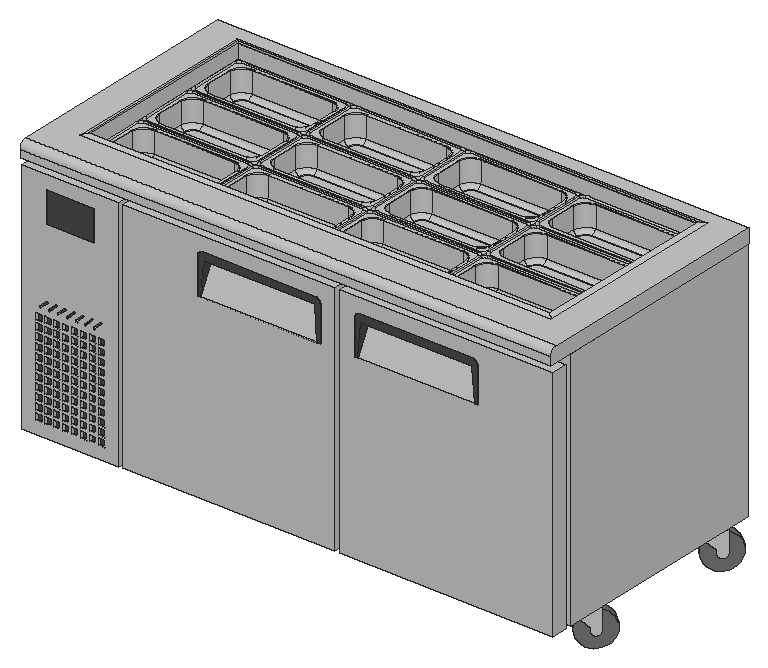
Revit family "QF_Turbo Air_JBT-60", category Specialty Equipment, Revit 2012 (continued)
Definition of nested family "QF_Turbo Air_SNZ_cat"
  Forms (in)
    Extrusion 1, solid, material "QF_Finishes_Stainless Steel"
      sketch origin (0, 0, 0) x (1, 0, 0) y (0, 0, 1)
        loop
          line (-44.61169, 0) -> (-43.11169, 0) -> (-43.11169, 0.125) -> (-44.73669, 0.125) -> (-44.73669, -1.5) -> (-44.61169, -1.5) -> (-44.61169, 0)
        loop
          line (3.38831, 0) -> (3.38831, -1.5) -> (3.51331, -1.5) -> (3.51331, 0.125) -> (1.88831, 0.125) -> (1.88831, 0) -> (3.38831, 0)
      from -5.938 to 5.938
    Extrusion 2, solid, material "QF_Finishes_Stainless Steel"
      sketch origin (0, 0, 0) x (1, 0, 0) y (0, 1, 0)
        loop
          line (-44.61169, -1) -> (-43.61169, -1) -> (-43.61169, 1) -> (-44.61169, 1) -> (-44.61169, -1)
        loop
          line (3.38831, -1) -> (3.38831, 1) -> (2.38831, 1) -> (2.38831, -1) -> (3.38831, -1)
      from 0.125 to 16.125
    Extrusion 3, solid, material "QF_Finishes_Glass"
      sketch origin (-44.61169, 0, 0) x (0, 1, 0) y (0, 0, 1)
        loop
          line (-4, 17.25) -> (-11.0625, 12.30478) -> (-11.0625, 11.01894) -> (-10.9375, 11.01894) -> (-10.9375, 12.23971) -> (-3.96059, 17.125) -> (3.96059, 17.125) -> (10.9375, 12.23971) -> (10.9375, 11.01894) -> (11.0625, 11.01894) -> (11.0625, 12.30478) -> (4, 17.25) -> (-4, 17.25)
      from 0 to 48
    Extrusion 4, solid, material "QF_Finishes_Stainless Steel"
      sketch origin (-44.61169, 0, 0) x (0, 1, 0) y (0, 0, 1)
        loop
          line (10.9375, 12.23971) -> (3.96059, 17.125) -> (-3.96059, 17.125) -> (-10.9375, 12.23971) -> (-10.9375, 11.01894) -> (-3.64529, 16.125) -> (3.64529, 16.125) -> (10.9375, 11.01894) -> (10.9375, 12.23971)
      from 0 to 1
    Extrusion 5, solid, material "QF_Finishes_Stainless Steel"
      sketch origin (3.38831, 0, 0) x (0, 1, 0) y (0, 0, 1)
        loop
          line (10.9375, 12.23971) -> (3.96059, 17.125) -> (-3.96059, 17.125) -> (-10.9375, 12.23971) -> (-10.9375, 11.01894) -> (-3.64529, 16.125) -> (3.64529, 16.125) -> (10.9375, 11.01894) -> (10.9375, 12.23971)
      from 0 to -1
    Extrusion 6, solid, material "QF_Finishes_Stainless Steel"
      sketch origin (-44.61169, 0, 0) x (0, 1, 0) y (0, 0, 1)
        loop
          line (-0.5, 17.125) -> (-0.5, 16.125) -> (0.5, 16.125) -> (0.5, 17.125) -> (-0.5, 17.125)
      from 1 to 47
  Lines and regions (in)
    symbolic lines, style "QF_Overcounter Details"
      curve 1: line (-44.61169, 11.0625, 0.25) -> (3.38831, 11.0625, 0.25)
      curve 2: line (-44.61169, -11.0625, 0.25) -> (-44.61169, 11.0625, 0.25)
      curve 3: line (3.38831, -11.0625, 0.25) -> (-44.61169, -11.0625, 0.25)
      curve 4: line (3.38831, 11.0625, 0.25) -> (3.38831, -11.0625, 0.25)
      curve 5: line (-44.61169, -4, 0.25) -> (3.38831, -4, 0.25)
      curve 6: line (-44.61169, 4, 0.25) -> (3.38831, 4, 0.25)
  Dimensions and locks (in)
    plane 5 to plane 4 = 1' - 10 1/8"
    equal spacing: plane 5, plane 1 "CENTER FB", plane 4
    "Width": plane 6 "RIGHT" to plane 3 "LEFT"
    plane 7 to plane 2 = 1' - 5 1/4"
    locked: plane 8 to plane 2 at 1.5
    locked: plane 7 to plane 9 at 0.125
    locked: plane 9 to plane 10 at 1
    locked: plane 3 "LEFT" to Extrusion 1 sketch curve at 1.5
    locked: Extrusion 1 sketch curve to plane 3 "LEFT" at 0.125
    locked: Extrusion 1 sketch curve to level at 0.125  (x2)
    locked: plane 6 "RIGHT" to Extrusion 1 sketch curve at 0.125
    locked: Extrusion 1 sketch curve to plane 6 "RIGHT" at 1.5
    Extrusion 2 sketch curve to plane 1 "CENTER FB" to Extrusion 2 sketch curve = 0' - 1" locked, 0' - 1" locked  (x2)
    locked: plane 3 "LEFT" to Extrusion 2 sketch curve at 1
    locked: Extrusion 2 sketch curve to plane 6 "RIGHT" at 1
    locked: plane 4 to Extrusion 3 sketch curve at 0.125
    locked: Extrusion 3 sketch curve to plane 5 at 0.125
    locked: Extrusion 3 sketch curve to plane 9 at 6.10606
    locked: plane 9 to Extrusion 3 sketch curve at 6.10606
    locked: plane 10 to Extrusion 4 sketch curve at 5.10606  (x2)
    locked: plane 10 to Extrusion 5 sketch curve at 5.10606  (x2)
    Extrusion 6 sketch curve to plane 1 "CENTER FB" to Extrusion 6 sketch curve = 0' - 0 1/2" locked, 0' - 0 1/2" locked
    locked: plane 3 "LEFT" to Extrusion 6 at 1
    locked: plane 6 "RIGHT" to Extrusion 6 at 1
    aligned and locked: level to plane 2
    aligned and locked: Extrusion 1 sketch curve to plane 3 "LEFT"
    aligned and locked: Extrusion 1 sketch curve to level
    aligned and locked: Extrusion 1 sketch curve to plane 8
    aligned and locked: level to Extrusion 1 sketch curve
    aligned and locked: Extrusion 1 sketch curve to plane 6 "RIGHT"
    aligned and locked: plane 8 to Extrusion 1 sketch curve
    aligned and locked: plane 3 "LEFT" to Extrusion 2 sketch curve
    aligned and locked: plane 6 "RIGHT" to Extrusion 2 sketch curve
    aligned and locked: plane 10 to Extrusion 2
    aligned and locked: plane 9 to Extrusion 3 sketch curve
    aligned and locked: plane 7 to Extrusion 3 sketch curve
    aligned and locked: Extrusion 3 sketch curve to plane 4
    aligned and locked: Extrusion 3 sketch curve to plane 5
    aligned and locked: plane 6 "RIGHT" to Extrusion 3
    aligned and locked: plane 9 to Extrusion 4 sketch curve
    aligned and locked: plane 10 to Extrusion 4 sketch curve
    aligned and locked: Extrusion 5 sketch curve to plane 9
    aligned and locked: Extrusion 5 sketch curve to plane 10
    aligned and locked: plane 9 to Extrusion 6 sketch curve
    aligned and locked: Extrusion 6 sketch curve to plane 10
    aligned and locked: plane 3 "LEFT" to curve 2
    aligned and locked: curve 3 to plane 5
    aligned and locked: plane 4 to curve 1
    aligned and locked: curve 4 to plane 6 "RIGHT"
    aligned and locked: curve 6 to Extrusion 3
    aligned and locked: curve 5 to Extrusion 3
  Automatic sketch dimensions
    plane 1 "CENTER FB" to Extrusion 3 sketch curve = 0' - 4"
    Extrusion 3 sketch curve to Extrusion 3 sketch curve = 0' - 0.03941"  (x2)
    Extrusion 3 sketch curve to plane 1 "CENTER FB" = 0' - 3.96059"
    Extrusion 3 sketch curve to Extrusion 3 sketch curve = 0' - 1.22077"  (x2)
    Extrusion 3 sketch curve to Extrusion 3 sketch curve = 0' - 0.06507"  (x2)
    Extrusion 4 sketch curve to plane 5 = 0' - 0 1/8"
    plane 1 "CENTER FB" to Extrusion 4 sketch curve = 0' - 3.96059"
    Extrusion 4 sketch curve to Extrusion 4 sketch curve = 0' - 0.3153"  (x2)
    Extrusion 4 sketch curve to plane 1 "CENTER FB" = 0' - 3.64529"
    plane 4 to Extrusion 4 sketch curve = 0' - 0 1/8"
    Extrusion 4 sketch curve to Extrusion 4 sketch curve = 0' - 1.22077"  (x2)
    Extrusion 5 sketch curve to plane 5 = 0' - 0 1/8"
    plane 1 "CENTER FB" to Extrusion 5 sketch curve = 0' - 3.96059"
    Extrusion 5 sketch curve to Extrusion 5 sketch curve = 0' - 0.3153"  (x2)
    Extrusion 5 sketch curve to plane 1 "CENTER FB" = 0' - 3.64529"
    plane 4 to Extrusion 5 sketch curve = 0' - 0 1/8"
    Extrusion 5 sketch curve to Extrusion 5 sketch curve = 0' - 1.22077"  (x2)
